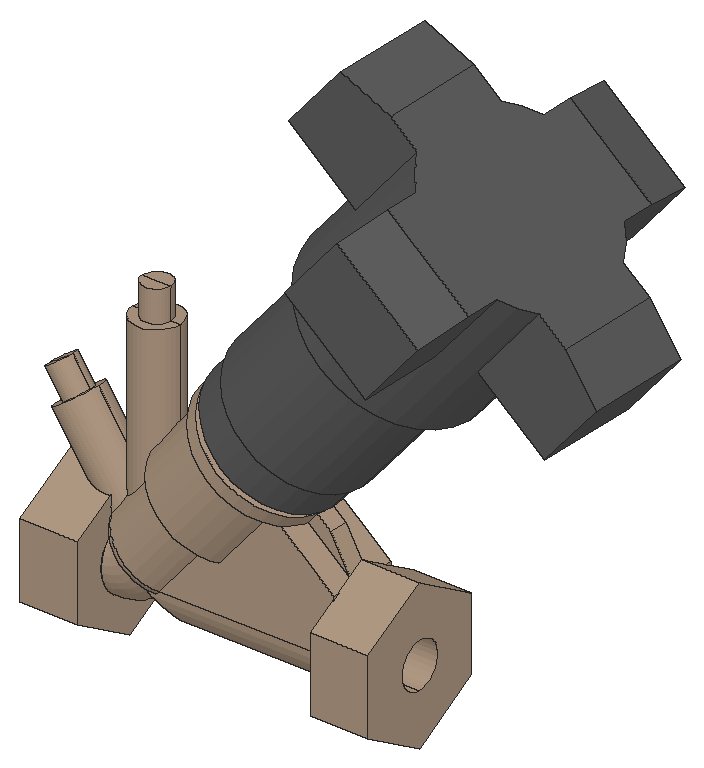
Revit family "oventrop_hydrocontrol-vtr_1060103-16rfa", category Арматура трубопроводов, Revit 2017
Family settings
  Размер круглого соединителя = Использовать радиус
  Тип детали = Клапан - Вставляется
  Номер OmniClass = 23.65.55.14.17
  Заголовок OmniClass = Adjusting/Controlling Valves for Liquid Services
  На основе рабочей плоскости = Нет
  Всегда вертикально = Да
  При загрузке вырезать с полостями = Нет
  Общий = Нет
Parameters (values of type "DN 10")
  built-in parameter 1114242 [instance] = 1
  Threaded_Lenght = 10.100 mm
  r2 = 3.000 mm  # constant formula
  r1 = 2.000 mm  # constant formula
  e3 = 1.125 mm
  e2 = 2.500 mm
  Wholesaler Art. No. = ""
  Wholesaler = ""
  Use Nominal Diameter [instance] = yes
  URL = "http://file-system.ru/catalog/zdaniya_i_sooruzheniya/kommunikatsii/oborudovanie_dlya_sistem_vodosnabzheniya_i_vodootvedeniya/reguliruyushchiy_ventil_hydrocontrol_vtr_dn_15_50/"
  Stabu Code = ""
  Revit Version = "2015"  # constant formula
  Product Line = "Oventrop"  # constant formula
  SW2 = NutDimension / sqrt(3 / 4)  # 31.177 mm
  OuterDiameter = 17.200 mm
  NutDimension = 27.000 mm
  Rad6 [instance] = NominalRadius + 1.000 mm  # 5.763 mm
  Rad5 = Rad4 + 2.000 mm  # 14.500 mm
  Rad4 = Rad3 + 2.500 mm  # 12.500 mm
  Rad3 = Rad2 + 2.500 mm  # 10.000 mm
  Rad2 = Rad1 - 2.000 mm  # 7.500 mm
  Rad1 = 9.500 mm
  Pressure Drop = 0.0 Pa
  NominalRadius [instance] = if(Use Nominal Diameter, NominalDiameter / 2, OuterDiameter / 2)  # 4.763 mm
  NominalDiameter = 9.525 mm
  Группа модели = "Hydrocontrol VTR 10601"
  Measure_port = 5.000 mm
  Изготовитель = "Oventrop"  # constant formula
  Lgt2 = 11.000 mm  # constant formula
  Lgt1 = Threaded_Lenght + 2.000 mm  # 12.100 mm
  Language = ""
  L2 = Rad2 * tan(Angle / 2)  # 3.497 mm
  Length = 73.000 mm
  Internal Art. No. = ""
  IFCExportType = "PRESSUREREDUCING"
  IFCExportAs = "IfcValveType"
  Hlp1 = 22.000 mm  # constant formula
  Height = 114.000 mm
  Hb8 = 35.000 mm
  Hb6 [instance] = ((Hb2 + Hb3 + Hb5 + (2 * r1)) / sin(Angle)) - (NominalDiameter * 0.29 + 2.700 mm)  # 43.771 mm
  Hb5 = 3.000 mm  # constant formula
  Hb4 = 18.000 mm  # constant formula
  Hb3 = 15.000 mm
  Hb2 [instance] = if(NominalDiameter > 25.000 mm, 50.000 mm, NominalDiameter * 0.6 + 10.000 mm)  # 15.715 mm
  Hb1 = 122.000 mm
  GTIN = "4026755124934"
  Function Code [instance] = ""
  Family Version = "10.14"  # constant formula
  ETIM Article Class = "EC011463"
  EMCS Version = "2.0"  # constant formula
  Описание = "Bronze double regulating and commissioning valves"  # constant formula
  Manufacturer URL = "http://www.oventrop.de/ArticleInfo.aspx?art=1060103"
  Custom = no
  CB-NL Class = ""
  Bronze = Color RGB 156-122-90
  Black = Color RGB 35-35-35
  Article Type = "Hydrocontrol VTR 10601"  # constant formula
  Article Description = "Bronze double regulating and commissioning valves"  # constant formula
  Angle = 50.00°  # constant formula
  Manufacturer Art. No. = "1060103"
Types (7, lengths in mm): name | Threaded_Lenght | e3 | e2 | URL | SW2 | OuterDiameter | NutDimension | Rad6 | Rad5 | Rad4 | Rad3 | Rad2 | Rad1 | NominalRadius | NominalDiameter | Measure_port | Lgt1 | L2 | Length | Height | Hb8 | Hb6 | Hb3 | Hb2 | Hb1 | GTIN | Manufacturer URL | Manufacturer Art. No.
  DN 40 | 19.100 | 2.344 | 4.500 | "www.stabiplan.com" | 63.509 | 48.300 | 55.000 | 20.050 | 27.300 | 25.300 | 22.800 | 20.300 | 22.300 | 19.050 | 38.100 | 8.000 | 21.100 | 9.466 | 120.000 | 138.000 | 50.000 | 67.186 | 5.000 | 50.000 | 154.000 | "4026755124989" | "http://www.oventrop.de/ArticleInfo.aspx?art=1060112" | "1060112"
  DN 50 | 25.700 | 2.656 | 4.500 | "www.stabiplan.com" | 80.829 | 60.300 | 70.000 | 26.400 | 35.200 | 33.200 | 30.700 | 28.200 | 30.200 | 25.400 | 50.800 | 10.000 | 27.700 | 13.150 | 150.000 | 148.000 | 60.000 | 76.557 | 15.000 | 50.000 | 167.000 | "4026755124996" | "http://www.oventrop.de/ArticleInfo.aspx?art=1060116" | "1060116"
  DN 32 | 19.100 | 2.000 | 4.500 | "www.stabiplan.com" | 57.735 | 42.400 | 50.000 | 16.875 | 24.000 | 22.000 | 19.500 | 17.000 | 19.000 | 15.875 | 31.750 | 7.000 | 21.100 | 7.927 | 110.000 | 136.000 | 50.000 | 63.806 | 1.000 | 50.000 | 151.000 | "4026755124972" | "http://www.oventrop.de/ArticleInfo.aspx?art=1060110" | "1060110"
  DN 25 | 16.800 | 1.688 | 3.500 | "www.stabiplan.com" | 47.343 | 33.700 | 41.000 | 13.700 | 20.900 | 18.900 | 16.400 | 13.900 | 15.900 | 12.700 | 25.400 | 6.000 | 18.800 | 6.482 | 97.500 | 119.000 | 45.000 | 81.313 | 13.000 | 50.000 | 129.000 | "4026755124965" | "http://www.oventrop.de/ArticleInfo.aspx?art=1060108" | "1060108"
  DN 20 | 14.500 | 1.500 | 3.500 | "www.stabiplan.com" | 36.950 | 26.900 | 32.000 | 10.525 | 17.700 | 15.700 | 13.200 | 10.700 | 12.700 | 9.525 | 19.050 | 5.000 | 16.500 | 4.989 | 84.000 | 116.000 | 35.000 | 43.248 | 11.000 | 21.430 | 125.000 | "4026755124958" | "http://www.oventrop.de/ArticleInfo.aspx?art=1060106" | "1060106"
  DN 15 | 13.200 | 1.250 | 2.500 | "www.stabiplan.com" | 31.177 | 21.300 | 27.000 | 7.350 | 14.500 | 12.500 | 10.000 | 7.500 | 9.500 | 6.350 | 12.700 | 5.000 | 15.200 | 3.497 | 80.000 | 114.000 | 35.000 | 45.337 | 15.000 | 17.620 | 122.000 | "4026755124941" | "http://www.oventrop.de/ArticleInfo.aspx?art=1060104" | "1060104"
  DN 10 | 10.100 | 1.125 | 2.500 | "http://file-system.ru/catalog/zdaniya_i_sooruzheniya/kommunikatsii/oborudovanie_dlya_sistem_vodosnabzheniya_i_vodootvedeniya/reguliruyushchiy_ventil_hydrocontrol_vtr_dn_15_50/" | 31.177 | 17.200 | 27.000 | 5.763 | 14.500 | 12.500 | 10.000 | 7.500 | 9.500 | 4.763 | 9.525 | 5.000 | 12.100 | 3.497 | 73.000 | 114.000 | 35.000 | 43.771 | 15.000 | 15.715 | 122.000 | "4026755124934" | "http://www.oventrop.de/ArticleInfo.aspx?art=1060103" | "1060103"
Reference planes
  plane 1 "Center (Front/Back)": y = 0
  plane 2: z = 0
  plane 3 "Center (Left/Right)": x = 0
  plane 4: x = -36.5
  plane 5: x = 36.5
  plane 6: x = 26.4
  plane 7: x = -26.4
  plane 8: x = -24.4
  plane 9: z = -7.5
  plane 10: z = -10
  plane 11: z = -12.5
  plane 12: x = -20.903
  plane 13: z = 7.5
  plane 14: y = 5.5
  plane 15: y = -5.5
  plane 16: y = -7.5
  plane 17: y = 7.5
  plane 18: x = 24.4
  plane 19: y = 11
  plane 20: y = -11
  plane 21: y = -2
  plane 22: y = 2
  plane 23: z = 15.588
  plane 24: z = -15.588
  plane 25: y = 13.5
  plane 26: y = -13.5
  plane 27: x = 55.875
  plane 28: x = 39
  plane 29: x = -39
  plane 30: x = -55.875
  plane 31: x = -57
  plane 32: x = 57
  plane 33: x = 37.75
  plane 34: x = -37.75
  plane 35: z = 114
Forms (mm)
  Extrusion 1, solid, material "Color RGB 156-122-90" <- "Bronze", detail levels fine
    sketch origin (0, 0, 0) x (0, 1, 0) y (0, 0, 1)
      loop
        circle (0, 0) r 7.5
    from -26.4 to 26.4
  Revolve 2, void
    sketch origin (-20.903, 0, 0) x (0.642788, 0, 0.766044) y (-0.766044, 0, 0.642788)
      loop
        line (3.497, 0) -> (-73, 0) -> (-73, -73) -> (3.497, -73) -> (3.497, 0)
      axis (-73, 0) -> (3.497, 0)
    angle from 0 to 360
  Revolve 3, solid, material "Color RGB 156-122-90" <- "Bronze", detail levels fine
    sketch origin (-24.4, -1524, 140.053) x (0, 0, 1) y (0, -1, 0)
      loop
        circle (-140.053, -1524) r 7.5
      axis (-132.553, -1524) -> (-132.553, -1523)
    angle from 0 to -50
  Extrusion 4, solid, material "Color RGB 105-77-58", detail levels fine
    sketch origin (-24.4, -1524, 140.053) x (0, 0, 1) y (0, -1, 0)
      loop
        circle (-140.053, -1524) r 7.5
    from -2 to 0
  Revolve 5, solid, material "Color RGB 156-122-90" <- "Bronze", detail levels fine
    sketch origin (-20.903, 0, 0) x (0.642788, 0, 0.766044) y (-0.766044, 0, 0.642788)
      loop
        line (43.212, 0) -> (3.497, 0) -> (3.497, -8)
        arc (3.497, -8) -> (4.083, -9.414) -> (5.497, -10) r 2
        line (5.497, -10) -> (19.212, -10) -> (21.212, -12.5) -> (36.212, -12.5) -> (38.212, -14.5) -> (41.212, -14.5) -> (41.212, -12.5) -> (43.212, -12.5) -> (43.212, 0)
      axis (3.497, 0) -> (43.212, 0)
    angle from 0 to 360
  Revolve 6, solid, material "Color RGB 35-35-35" <- "Black", detail levels fine
    sketch origin (-20.903, 0, 0) x (0.642788, 0, 0.766044) y (-0.766044, 0, 0.642788)
      loop
        line (43.212, 0) -> (43.212, -15) -> (52, -15) -> (52, -16) -> (82, -16) -> (82, -20) -> (122, -20) -> (122, 0) -> (43.212, 0)
      axis (43.212, 0) -> (122, 0)
    angle from 0 to 360
  Extrusion 7, solid, material "Color RGB 35-35-35" <- "Black", detail levels fine
    sketch origin (-20.903, 0, 0) x (0.642788, 0, 0.766044) y (-0.766044, 0, 0.642788)
      loop
        line (122, 24) -> (119, 35) -> (102, 35) -> (102, -35) -> (119, -35) -> (122, -24) -> (122, 24)
    from -11 to 11
  Extrusion 8, solid, material "Color RGB 35-35-35" <- "Black", detail levels fine
    sketch origin (-20.903, 0, 0) x (0.642788, 0, 0.766044) y (0, -1, 0)
      loop
        line (119, -35) -> (122, -24) -> (122, 24) -> (119, 35) -> (102, 35) -> (102, -35) -> (119, -35)
    from -11 to 11
  Extrusion 9, solid, material "Color RGB 156-122-90" <- "Bronze", detail levels fine
    sketch origin (26.4, -1524, 140.053) x (0, 0, 1) y (0, -1, 0)
      loop
        circle (-140.053, -1524) r 7.5
    from 0 to -2
  Extrusion 10, solid, material "Color RGB 156-122-90" <- "Bronze", detail levels fine
    sketch origin (-20.903, 0, 0) x (0.642788, 0, 0.766044) y (-0.766044, 0, 0.642788)
      loop
        line (38.212, 0) -> (3.497, 0) -> (3.497, -4.168) -> (29.12, -34.704) -> (38.212, -27.075) -> (38.212, 0)
    from -7.5 to 7.5
  Extrusion 11, solid, material "Color RGB 156-122-90" <- "Bronze", detail levels fine
    sketch origin (-20.903, 0, 0) x (0.642788, 0, 0.766044) y (-0.766044, 0, 0.642788)
      loop
        line (41.212, -18.066) -> (41.212, 0) -> (24.299, -28.959) -> (30.406, -36.236) -> (36.151, -31.415) -> (41.212, -18.066)
    from -2 to 2
  Revolve 12, solid, material "Color RGB 156-122-90" <- "Bronze", detail levels fine
    sketch origin (-18.655, 0, 2.679) x (-0.573576, 0, 0.819152) y (-0.819152, 0, -0.573576)
      loop
        line (35, 0) -> (0, 0) -> (0, -5) -> (28.5, -5) -> (28.5, -3) -> (35, -3) -> (35, 0)
      axis (0, 0) -> (35, 0)
    angle from 0 to 360
  Revolve 13, solid, material "Color RGB 156-122-90" <- "Bronze", detail levels fine
    sketch origin (-18.655, 0, 2.679) x (0, 0, 1) y (-1, 0, 0)
      loop
        line (0, 0) -> (0, -5) -> (43.771, -5) -> (43.771, -3) -> (50.271, -3) -> (50.271, 0) -> (0, 0)
      axis (0, 0) -> (50.271, 0)
    angle from 0 to 360
  Extrusion 14, solid, material "Color RGB 156-122-90" <- "Bronze", detail levels fine
    sketch origin (0, 0, 0) x (0, 1, 0) y (0, 0, 1)
      loop
        line (0, 15.588) -> (-13.5, 7.794) -> (-13.5, -7.794) -> (0, -15.588) -> (13.5, -7.794) -> (13.5, 7.794) -> (0, 15.588)
    from 24.4 to 36.5
  Extrusion 15, solid, material "Color RGB 156-122-90" <- "Bronze", detail levels fine
    sketch origin (0, 0, 0) x (0, 1, 0) y (0, 0, 1)
      loop
        line (0, 15.588) -> (-13.5, 7.794) -> (-13.5, -7.794) -> (0, -15.588) -> (13.5, -7.794) -> (13.5, 7.794) -> (0, 15.588)
    from -36.5 to -24.4
  Extrusion 16, void
    sketch origin (36.5, -1524, -152.182) x (0, 0, 1) y (0, -1, 0)
      loop
        circle (152.182, -1524) r 4.763
    from 0 to -10.1
  Extrusion 17, void
    sketch origin (-36.5, -1524, 140.053) x (0, 0, -1) y (0, -1, 0)
      loop
        circle (140.053, -1524) r 4.763
    from 0 to -10.1
Cuts and joins
  Revolve 2 cuts Extrusion 1
  joined: Revolve 6, Extrusion 7, Extrusion 8
  Extrusion 16 cuts Extrusion 14
  joined: Extrusion 9, Extrusion 14
  Extrusion 17 cuts Extrusion 15
Lines and regions (mm)
  reference lines
    curve 1: line (-20.903, 0, 0) -> (236.212, 0, 306.418)
    curve 2: line (-11.763, 0, 151.591) -> (130.128, 0, 32.53)
    curve 3: line (-13.692, 0, 149.293) -> (128.2, 0, 30.232)
    curve 4: line (-24.619, 0, 136.27) -> (117.272, 0, 17.209)
    curve 5: line (104.417, 0, 1.888) -> (-37.475, 0, 120.949)
    curve 6: line (109.559, 0, 8.016) -> (-32.332, 0, 127.077)
    curve 7: line (-62.407, 0, 91.236) -> (79.484, 0, -27.825)
    curve 8: line (-63.693, 0, 89.704) -> (78.199, 0, -29.357)
    curve 9: line (-65.621, 0, 87.406) -> (76.271, 0, -31.655)
    curve 10: line (-66.907, 0, 85.874) -> (74.985, 0, -33.187)
    curve 11: line (-76.548, 0, 74.383) -> (65.343, 0, -44.678)
    curve 12: line (-87.935, 0, 60.812) -> (53.956, 0, -58.249)
    curve 13: line (-20.903, 0, 0) -> (65.114, 0, -72.176)
    curve 14: line (-56.758, 0, 97.968) -> (85.133, 0, -21.093)
    curve 15: line (-77.834, 0, 72.851) -> (64.058, 0, -46.21)
    curve 16: line (-5.452, 0, 2.856) -> (3.834, 0, 13.923)
    curve 17: line (5.749, 0, 12.316) -> (-3.537, 0, 1.249)
    curve 18: line (7.281, 0, 11.031) -> (-2.005, 0, -0.036)
    curve 19: line (35.708, 0, 30.129) -> (22.045, 0, 13.845)
    curve 20: line (-1.062, 0, 60.983) -> (-14.725, 0, 44.699)
    curve 21: line (44.135, 0, 23.058) -> (30.471, 0, 6.775)
    curve 22: line (-9.488, 0, 68.053) -> (-23.152, 0, 51.77)
    curve 23: line (17.323, 24, 45.556) -> (3.66, 24, 29.272)
    curve 24: line (17.323, -24, 45.556) -> (3.66, -24, 29.272)
    curve 25: line (17.323, -35, 45.556) -> (3.66, -35, 29.272)
    curve 26: line (17.323, 35, 45.556) -> (3.66, 35, 29.272)
    curve 27: line (57.517, 41.48, 93.457) -> (57.517, -45.862, 93.457)
    curve 28: line (55.589, 41.48, 91.159) -> (55.589, -45.862, 91.159)
    curve 29: line (44.662, -45.862, 78.137) -> (44.662, 41.48, 78.137)
    curve 30: line (-18.655, 0, 2.679) -> (-47.333, 0, 43.637)
    curve 31: line (-18.655, 0, 2.679) -> (-18.655, 0, 44.978)
    curve 32: line (0, 27, 0) -> (0, 0, 15.588)
    curve 33: line (0, 0, -15.588) -> (0, -27, 0)
    curve 34: line (0, -27, 0) -> (0, 0, 15.588)
    curve 35: line (0, 0, -15.588) -> (0, 27, 0)
  model lines, style "Accessories", detail levels coarse+medium
    curve 36: line (-26.4, 0, 7.5) -> (-26.4, 0, -7.5)
    curve 37: line (26.4, 0, 7.5) -> (26.4, 0, -7.5)
    curve 38: line (-26.4, 0, -7.5) -> (26.4, 0, 7.5)
    curve 39: line (26.4, 0, -7.5) -> (-26.4, 0, 7.5)
    curve 40: circle (0, 0, 0) r 4.763 normal (1, 0, 0)
    curve 41: line (-26.4, 7.5, 0) -> (-26.4, -7.5, 0)
    curve 42: line (26.4, 7.5, 0) -> (26.4, -7.5, 0)
    curve 43: line (26.4, 7.5, 0) -> (-26.4, -7.5, 0)
    curve 44: line (-26.4, 7.5, 0) -> (26.4, -7.5, 0)
Dimensions and locks
  equal spacing: plane 5, plane 3 "Center (Left/Right)", plane 4
  "Length": plane 5 to plane 4
  "Threaded_Lenght": plane 7 to plane 4
  "Lgt1": plane 4 to plane 8
  "L2": plane 12 to plane 8
  "Threaded_Lenght": plane 6 to plane 5
  "Rad4": level to plane 11
  "Rad3": level to plane 10
  "Rad2": level to plane 9
  "Rad2": plane 13 to level
  equal spacing: plane 14, plane 1 "Center (Front/Back)", plane 15
  "Lgt2": plane 14 to plane 15
  "Hb1": curve 13 to curve 2
  locked: curve 3 to curve 2 at 3
  locked: curve 4 to curve 3 at 17
  locked: curve 5 to curve 4 at 20
  curve 5 to curve 14 = 30.000 mm
  "Length": Revolve 2 sketch curve to curve 1
  "Length": Revolve 2 sketch curve to curve 13
  equal spacing: plane 17, plane 1 "Center (Front/Back)", plane 16
  "Rad2": plane 1 "Center (Front/Back)" to plane 16
  "L2": curve 13 to curve 12
  "Lgt1": plane 5 to plane 18
  "Hb2": curve 12 to curve 15
  "r1": curve 15 to curve 11
  "Hb3": curve 11 to curve 10
  "r1": curve 10 to curve 9
  "Hb5": curve 9 to curve 8
  "r1": curve 8 to curve 7
  "Rad3": curve 16 to curve 1
  "Rad4": curve 17 to curve 1
  "Rad5": curve 18 to curve 1
  locked: curve 6 to curve 5 at 8
  locked: Revolve 6 sketch curve to Revolve 6 sketch curve at 1
  locked: curve 1 to Revolve 6 sketch curve at 16
  locked: Revolve 6 sketch curve to curve 1 at 20
  equal spacing: curve 19, curve 1, curve 20
  locked: curve 19 to curve 1 at 24
  equal spacing: curve 21, curve 1, curve 22
  locked: curve 1 to curve 22 at 35
  "Hlp1": plane 19 to plane 20
  equal spacing: plane 19, plane 1 "Center (Front/Back)", plane 20
  equal spacing: curve 23, curve 1, curve 24
  locked: curve 23 to curve 1 at 24
  equal spacing: curve 26, curve 1, curve 25
  locked: curve 1 to curve 25 at 35
  "Hb1": curve 1 to curve 27
  locked: curve 28 to curve 27 at 3
  locked: curve 29 to curve 28 at 17
  equal spacing: plane 22, plane 1 "Center (Front/Back)", plane 21
  "r1": plane 1 "Center (Front/Back)" to plane 21
  locked: Revolve 12 sketch curve to Revolve 12 sketch curve at 2
  locked: Revolve 12 sketch curve to Revolve 12 sketch curve at 6.5
  "Hb6": Revolve 13 sketch curve to Revolve 13 sketch curve
  locked: Revolve 13 sketch curve to Revolve 13 sketch curve at 6.5
  locked: Revolve 13 sketch curve to Revolve 13 sketch curve at 2
  equal spacing: plane 25, plane 1 "Center (Front/Back)", plane 26
  "NutDimension": plane 25 to plane 26
  equal spacing: plane 23, level, plane 24
  "SW2": plane 23 to plane 24
  equal spacing: curve 33, plane 1 "Center (Front/Back)", curve 32
  "NutDimension": curve 33 to curve 32
  equal spacing: curve 34, plane 1 "Center (Front/Back)", curve 35
  "NutDimension": curve 34 to curve 35
  "e2": plane 5 to plane 28
  plane 28 to plane 32 = 18.000 mm
  "e3": plane 32 to plane 27
  "e2": plane 4 to plane 29
  plane 29 to plane 31 = 18.000 mm
  "e3": plane 30 to plane 31
  equal spacing: plane 5, plane 33, plane 28
  equal spacing: plane 4, plane 34, plane 29
  "Height": plane 35 to level
  "Measure_port": Revolve 12 sketch curve to Revolve 12 sketch curve
  "Measure_port": Revolve 13 sketch curve to Revolve 13 sketch curve
  "Hb8": Revolve 12 sketch curve to Revolve 12 sketch curve
  "Rad2": radius of Extrusion 1 sketch curve
  "Rad2": radius of Revolve 3 sketch curve
  "Rad2": radius of Extrusion 4 sketch curve
  "r1": radius of Revolve 5 sketch curve
  "Rad2": radius of Extrusion 9 sketch curve
  "NominalRadius": radius of curve 40
  "NominalRadius": radius of Extrusion 16 sketch curve
  "NominalRadius": radius of Extrusion 17 sketch curve
  "Angle": angle level to curve 1
  locked: curve 1 to curve 30 (angle 75.00°)
  locked: curve 1 to curve 31 (angle 40.00°)
  aligned and locked: level to plane 2
  aligned and locked: plane 12 to curve 1
  aligned and locked: plane 2 to curve 1
  aligned and locked: curve 3 to curve 2  (x2)
  aligned and locked: curve 4 to curve 2  (x2)
  aligned and locked: curve 5 to curve 2  (x2)
  aligned and locked: curve 6 to curve 2  (x2)
  aligned and locked: curve 7 to curve 2  (x2)
  aligned and locked: curve 8 to curve 2  (x2)
  aligned and locked: curve 9 to curve 2  (x2)
  aligned and locked: curve 10 to curve 2  (x2)
  aligned and locked: curve 11 to curve 2  (x2)
  aligned and locked: curve 12 to curve 2  (x2)
  aligned and locked: curve 13 to curve 1  (x2)
  aligned and locked: curve 14 to curve 2  (x2)
  aligned and locked: Revolve 2 sketch curve to curve 1  (x2)
  aligned and locked: curve 15 to curve 4
  aligned and locked: plane 6 to Extrusion 1
  aligned and locked: plane 7 to Extrusion 1
  aligned and locked: plane 13 to Revolve 3 sketch curve
  aligned and locked: plane 8 to Extrusion 4
  aligned and locked: Revolve 5 sketch curve to curve 12
  aligned and locked: curve 1 to Revolve 5 sketch curve
  aligned and locked: Revolve 5 sketch curve to curve 1
  aligned and locked: curve 12 to Revolve 2 sketch curve
  aligned and locked: curve 17 to curve 16  (x2)
  aligned and locked: curve 18 to curve 16  (x2)
  aligned and locked: curve 7 to Revolve 5 sketch curve
  aligned and locked: Revolve 5 sketch curve to curve 16
  aligned and locked: curve 15 to Revolve 5 sketch curve
  aligned and locked: curve 17 to Revolve 5 sketch curve  (x2)
  aligned and locked: curve 11 to Revolve 5 sketch curve
  aligned and locked: curve 10 to Revolve 5 sketch curve
  aligned and locked: curve 9 to Revolve 5 sketch curve
  aligned and locked: Revolve 5 sketch curve to curve 18
  aligned and locked: Revolve 5 sketch curve to curve 8
  aligned and locked: Revolve 6 sketch curve to curve 2
  aligned and locked: Revolve 6 sketch curve to curve 1  (x2)
  aligned and locked: curve 5 to Revolve 6 sketch curve
  aligned and locked: Revolve 6 sketch curve to curve 14
  aligned and locked: curve 7 to Revolve 6 sketch curve
  aligned and locked: curve 20 to curve 19
  aligned and locked: Extrusion 7 sketch curve to curve 20
  aligned and locked: curve 2 to Extrusion 7 sketch curve
  aligned and locked: Extrusion 7 sketch curve to curve 19
  aligned and locked: curve 3 to Extrusion 7 sketch curve  (x2)
  aligned and locked: curve 4 to Extrusion 7 sketch curve  (x2)
  aligned and locked: curve 19 to curve 21
  aligned and locked: curve 22 to curve 19
  aligned and locked: curve 22 to curve 20
  aligned and locked: Extrusion 7 sketch curve to curve 22
  aligned and locked: Extrusion 7 sketch curve to curve 21
  aligned and locked: Extrusion 7 to plane 19
  aligned and locked: Extrusion 7 to plane 20
  aligned and locked: curve 19 to curve 23  (x2)
  aligned and locked: curve 24 to curve 19  (x2)
  aligned and locked: curve 25 to curve 19  (x2)
  aligned and locked: curve 19 to curve 26  (x2)
  aligned and locked: curve 27 to curve 29  (x2)
  aligned and locked: curve 27 to curve 28  (x2)
  aligned and locked: curve 28 to Extrusion 8 sketch curve  (x2)
  aligned and locked: curve 29 to Extrusion 8 sketch curve  (x2)
  aligned and locked: Extrusion 8 sketch curve to curve 26
  aligned and locked: Extrusion 8 sketch curve to curve 25
  aligned and locked: Extrusion 8 sketch curve to curve 24
  aligned and locked: Extrusion 8 sketch curve to curve 27
  aligned and locked: Extrusion 8 sketch curve to curve 23
  aligned and locked: Extrusion 9 to plane 18
  aligned and locked: curve 9 to Extrusion 10 sketch curve
  aligned and locked: Extrusion 10 sketch curve to plane 18
  aligned and locked: plane 2 to Extrusion 10 sketch curve
  aligned and locked: curve 1 to Extrusion 10 sketch curve
  aligned and locked: plane 17 to Extrusion 10
  aligned and locked: plane 16 to Extrusion 10
  aligned and locked: curve 12 to Extrusion 10 sketch curve
  aligned and locked: curve 8 to Extrusion 11 sketch curve  (x2)
  aligned and locked: plane 13 to Extrusion 11 sketch curve
  aligned and locked: Extrusion 11 sketch curve to plane 6
  aligned and locked: plane 2 to Extrusion 11 sketch curve
  aligned and locked: Extrusion 11 to plane 22
  aligned and locked: plane 21 to Extrusion 11
  aligned and locked: Revolve 12 sketch curve to curve 30  (x2)
  aligned and locked: Revolve 13 sketch curve to curve 31  (x2)
  aligned and locked: level to curve 32
  aligned and locked: plane 23 to curve 32
  aligned and locked: plane 1 "Center (Front/Back)" to curve 32
  aligned and locked: level to curve 33
  aligned and locked: Extrusion 14 sketch curve to curve 34
  aligned and locked: plane 26 to Extrusion 14 sketch curve
  aligned and locked: Extrusion 14 sketch curve to curve 33
  aligned and locked: Extrusion 14 sketch curve to curve 35
  aligned and locked: Extrusion 14 sketch curve to plane 25
  aligned and locked: curve 32 to Extrusion 14 sketch curve
  aligned and locked: Extrusion 15 sketch curve to curve 34
  aligned and locked: plane 26 to Extrusion 15 sketch curve
  aligned and locked: Extrusion 15 sketch curve to curve 33
  aligned and locked: Extrusion 15 sketch curve to curve 35
  aligned and locked: Extrusion 15 sketch curve to plane 25
  aligned and locked: curve 32 to Extrusion 15 sketch curve
  aligned and locked: plane 8 to Extrusion 15
  aligned and locked: Extrusion 14 to plane 18
  aligned and locked: plane 13 to curve 36
  aligned and locked: plane 7 to curve 36
  aligned and locked: plane 13 to curve 37
  aligned and locked: plane 9 to curve 37
  aligned and locked: curve 37 to plane 6
  aligned and locked: plane 9 to curve 36
  aligned and locked: plane 17 to curve 41
  aligned and locked: plane 16 to curve 41
  aligned and locked: plane 7 to curve 41
  aligned and locked: plane 17 to curve 42
  aligned and locked: plane 16 to curve 42
  aligned and locked: curve 42 to plane 6
  aligned and locked: Extrusion 15 to plane 4
  aligned and locked: Extrusion 14 to plane 5
  aligned and locked: curve 1 to Extrusion 11 sketch curve
  aligned and locked: plane 6 to Extrusion 9
  aligned and locked: plane 7 to Extrusion 4
  aligned and locked: Extrusion 16 to plane 6
  aligned and locked: Extrusion 17 to plane 7
  aligned and locked: Revolve 12 sketch curve to Revolve 12 sketch curve
  aligned and locked: Revolve 12 sketch curve to curve 31
Automatic sketch dimensions
  Revolve 6 sketch curve to curve 1 = 0.000 mm  (x2)
  Extrusion 11 sketch curve to Extrusion 11 sketch curve = 6.106 mm
  Extrusion 11 sketch curve to Extrusion 11 sketch curve = 13.349 mm
  curve 40 to level = 0.000 mm
  curve 40 to plane 1 "Center (Front/Back)" = 0.000 mm
  Extrusion 1 sketch curve to level = 0.000 mm
  Extrusion 1 sketch curve to plane 1 "Center (Front/Back)" = 0.000 mm
  curve 13 to curve 1 = 112.287 mm
  curve 30 to curve 1 = 0.000 mm
  curve 31 to curve 1 = 0.000 mm
  curve 1 to curve 17 = 12.120 mm
  curve 18 to curve 18 = 14.447 mm
  curve 20 to curve 20 = 21.257 mm
  curve 2 to curve 21 = 59.787 mm
  curve 1 to curve 11 = 90.439 mm
  curve 11 to curve 15 = 0.000 mm
  Revolve 2 sketch curve to curve 1 = 0.000 mm  (x2)
  Revolve 3 sketch curve to level = 0.000 mm
  Revolve 3 sketch curve to plane 1 "Center (Front/Back)" = 0.000 mm
  Revolve 3 sketch curve to plane 25 = 1276.504 mm
  plane 26 to Revolve 3 sketch curve = 2660.599 mm
  Extrusion 4 sketch curve to level = 0.000 mm
  Extrusion 4 sketch curve to plane 1 "Center (Front/Back)" = 0.000 mm
  Revolve 5 sketch curve to curve 1 = 0.000 mm  (x2)
  curve 1 to curve 29 = 41.480 mm
  curve 25 to curve 29 = 10.862 mm
  Extrusion 9 sketch curve to level = 0.000 mm
  Extrusion 9 sketch curve to plane 1 "Center (Front/Back)" = 0.000 mm
  Revolve 12 sketch curve to curve 30 = 0.000 mm
  Revolve 13 sketch curve to curve 31 = 0.000 mm  (x3)
  Extrusion 16 sketch curve to level = 0.000 mm
  Extrusion 16 sketch curve to plane 1 "Center (Front/Back)" = 0.000 mm
  Extrusion 17 sketch curve to level = 0.000 mm
  Extrusion 17 sketch curve to plane 1 "Center (Front/Back)" = 0.000 mm
Connectors
  piping at (-26.4, 0, 0), diameter 9.525, driven by "NominalRadius"
    settings: on Extrusion 4, index 1, connector inside diameter 15.000 mm, connector length 0.000 mm, flow factor 0, pipe flow 0.0 L/s, pressure drop 0.0 Pa, fitting loss kfactor 0, connector angle 0.00°, fixture units 0, engagement length 0.000 mm, angle of deflection 0.00°, flow configuration 0, flow direction 1, fitting loss method 4, system type 29, joint type 0, gender type 0, connector reference index 2, connector utility 0, adjustable connector no, is connector primary yes, connector description "Global In"
  piping at (26.4, 0, 0), diameter 9.525, driven by "NominalRadius"
    settings: on Extrusion 9, index 2, connector inside diameter 15.000 mm, connector length 0.000 mm, flow factor 0, pipe flow 0.0 L/s, pressure drop 0.0 Pa, fitting loss kfactor 0, connector angle 0.00°, fixture units 0, engagement length 0.000 mm, angle of deflection 0.00°, flow configuration 0, flow direction 2, fitting loss method 4, system type 29, joint type 0, gender type 0, connector reference index 1, connector utility 0, adjustable connector no, is connector primary no, connector description "Global Out"
